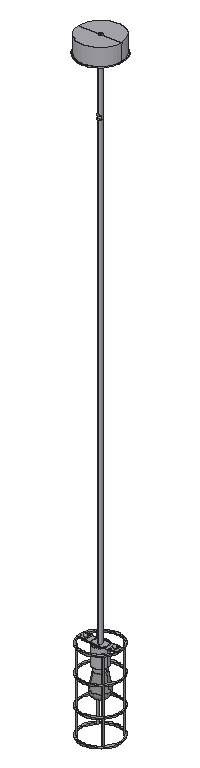
Revit family "Lighting - Lumetta - Pendant - P104RV-Full", category Lighting Fixtures, host Ceiling, Revit 2015
Parameters
  Wattage = 11.7117 W
  built-in parameter 1150110 = 1 (stored number, unit not read)
  URL = "https://lumetta.com/luminaires/reveal-arc-11-pendant/"
  Type Comments = "Reveal Arc 11'' Pendant "  # constant formula
  built-in parameter 1114217 = 1 (stored number, unit not read)
  Top-Bottom Lens Radius [instance] = Fixture Radius - 0' 0 5/32"  # 0' - 2 19/32"
  Top Lens-Material [instance] = Acrylic - 2447 - White
  Top Lens [instance] = yes
  built-in parameter 1150109 = 1 (stored number, unit not read)
  built-in parameter 1150134 = (empty or 0)
  Suspension [instance] = 2
  built-in parameter 1150113 = 1 (stored number, unit not read)
  Stem Hung-Med Base [instance] = Suspension = 2  # yes
  P104RV URL [instance] = "https://lumetta.com/luminaires/reveal-arc-11-pendant/"
  Light Source Symbol Size = 0' - 1"
  Fixture Radius [instance] = 0' - 2 3/4"
  Fixture Diameter [instance] = 2 * Fixture Radius  # 0' - 5 1/2"
  Coupling-Stems Over 60 inches [instance] = and([Stem Hung-Med Base], Fixture Drop > 5' 0")  # yes
  Model = "P104RV"  # constant formula
  Manufacturer = "Lumetta, Inc."  # constant formula
  Lumens = 1300 lm
  built-in parameter 1150115 = 1 (stored number, unit not read)
  built-in parameter 1150105 = 103.45 (stored number, unit not read)
  built-in parameter 1150137 = (empty or 0)
  built-in parameter 1150139 = (empty or 0)
  built-in parameter 1150112 = 1 (stored number, unit not read)
  built-in parameter 1150114 = 1 (stored number, unit not read)
  built-in parameter 1150132 = 1
  built-in parameter 1150102 = (empty or 0)
  built-in parameter 1150138 = (empty or 0)
  built-in parameter 1150107 = 3000 (stored number, unit not read)
  built-in parameter 1150106 = 1.0345 (stored number, unit not read)
  Frame Finish [instance] = Paint - Lumetta - F02 - PC_Chrome
  Fixture Height [instance] = 0' - 11"
  Fixture Drop [instance] = 6' - 0"
  built-in parameter 1150104 = 10.312 (stored number, unit not read)
  Dimming Lamp Color Temperature Shift = (empty or 0)
  Diffuser Material [instance] = Shade - Lumetta - D61 - MT_White
  Description = "Reveal Arc 11'' Pendant "  # constant formula
  Cord Hung-Med Base [instance] = Suspension = 1  # no
  Bottom Lens-Material [instance] = Acrylic - P95 - Etched White
  Bottom Lens [instance] = yes
  Cord Color [instance] = Cord, Black
  Color Filter = 16777215
  built-in parameter 1114218 = 1 (stored number, unit not read)
  built-in parameter 1150133 = 10 (stored number, unit not read)
Reference planes (in)
  plane 1 "Light Source Axis (F/B)": y = 0
  plane 2 "Ceiling": z = 96
  plane 3 "Light Source Axis (L/R)": x = 0
  plane 4 "Light Source Elevation": z = 21
  plane 5 "Fixture-Top": z = 24
  plane 6 "Fixture-Radius": x = 2.75
  plane 7 "Fixture-Height": z = 13
  plane 8: y = 0
  plane 9: x = 1.9375
  plane 10 "Outer BTM-Flat Plane": z = 10.44187
  plane 11: z = 16.58
  plane 12: z = 20.42
Forms (in)
  Revolve 1, solid, material "Paint - Lumetta - F02 - PC_Chrome" <- "Frame Finish", visible <- "Cord Hung-Med Base"
    sketch origin (0, 0, 0) x (1, 0, 0) y (0, 0, 1)
      loop
        line (0, 96) -> (0, 95.65) -> (2.125, 95.65)
        arc (2.125, 95.65) -> (2.21339, 95.68661) -> (2.25, 95.775) r 0.125
        line (2.25, 95.775) -> (2.25, 96) -> (0, 96)
      axis (0, 96) -> (0, 95.65)
    angle from 0 to 360
  Extrusion 2, solid, material "Paint - Lumetta - F02 - PC_Chrome" <- "Frame Finish", visible <- "Stem Hung-Med Base"
    sketch origin (0, 0, 24) x (0, -1, 0) y (-1, 0, 0)
      loop
        circle (0, 0) r 0.25
    from 0.05815 to -72
  Revolve 3, solid, material "Paint - Lumetta - F02 - PC_Chrome" <- "Frame Finish", visible <- "Coupling-Stems Over 60 inches"
    sketch origin (0, 0, 0) x (1, 0, 0) y (0, 0, 1)
      loop
        line (0, 86.53023) -> (0, 86) -> (0.26233, 86)
        arc (0.26233, 86) -> (0.31307, 86.05074) -> (0.26233, 86.10149) r 0.05074
        arc (0.26233, 86.10149) -> (0.29304, 86.26499) -> (0.26243, 86.42851) r 0.45126
        arc (0.26243, 86.42851) -> (0.31329, 86.47937) -> (0.26243, 86.53023) r 0.05086
        line (0.26243, 86.53023) -> (0, 86.53023)
      axis (0, 86.53023) -> (0, 86)
    angle from 0 to 360
  Extrusion 4, solid, material "Cord, Black" <- "Cord Color", visible <- "Cord Hung-Med Base"
    sketch origin (0, 0, 24) x (0, -1, 0) y (1, 0, 0)
      loop
        circle (0, 0) r 0.15674
    from -0.56254 to 72
  Extrusion 5, solid, material "Paint - Lumetta - F02 - PC_Chrome" <- "Frame Finish"
    sketch origin (0, 0, 24) x (0, -1, 0) y (1, 0, 0)
      loop
        circle (0, 0) r 0.26562
      loop
        arc (-0.625, -1.88572) -> (-0.61548, -1.93356) -> (-0.58839, -1.97411) r 0.125
        line (-0.58839, -1.97411) -> (-0.41161, -2.15089)
        arc (-0.41161, -2.15089) -> (-0.37106, -2.17798) -> (-0.32322, -2.1875) r 0.125
        line (-0.32322, -2.1875) -> (0.32322, -2.1875)
        arc (0.32322, -2.1875) -> (0.37106, -2.17798) -> (0.41161, -2.15089) r 0.125
        line (0.41161, -2.15089) -> (0.58839, -1.97411)
        arc (0.58839, -1.97411) -> (0.61548, -1.93356) -> (0.625, -1.88572) r 0.125
        line (0.625, -1.88572) -> (0.625, 1.88572)
        arc (0.625, 1.88572) -> (0.61548, 1.93356) -> (0.58839, 1.97411) r 0.125
        line (0.58839, 1.97411) -> (0.41161, 2.15089)
        arc (0.41161, 2.15089) -> (0.37106, 2.17798) -> (0.32322, 2.1875) r 0.125
        line (0.32322, 2.1875) -> (-0.32322, 2.1875)
        arc (-0.32322, 2.1875) -> (-0.37106, 2.17798) -> (-0.41161, 2.15089) r 0.125
        line (-0.41161, 2.15089) -> (-0.58839, 1.97411)
        arc (-0.58839, 1.97411) -> (-0.61548, 1.93356) -> (-0.625, 1.88572) r 0.125
        line (-0.625, 1.88572) -> (-0.625, -1.88572)
      loop
        circle (0, 1.9375) r 0.07846
      loop
        circle (0, -1.9375) r 0.07846
    from -0.05815 to 0
  Revolve 6, solid, material "Paint - Lumetta - F02 - PC_Chrome" <- "Frame Finish", visible <- "Cord Hung-Med Base"
    sketch origin (0, 0, 0) x (1, 0, 0) y (0, 0, 1)
      loop
        line (0, 95.65) -> (0, 95.15) -> (0.28125, 95.15) -> (0.375, 95.65) -> (0, 95.65)
      axis (0, 95.65) -> (0, 95.15)
    angle from 0 to 360
  Revolve 7, solid, material "Paint - Lumetta - F02 - PC_Chrome" <- "Frame Finish", visible <- "Stem Hung-Med Base"
    sketch origin (0, 0, 0) x (1, 0, 0) y (0, 0, 1)
      loop
        line (1.9375, 93.72) -> (1.9375, 93.37095)
        arc (1.9375, 93.37095) -> (2.11821, 93.50953) -> (2.03125, 93.72) r 0.18712
        line (2.03125, 93.72) -> (1.9375, 93.72)
      axis (1.9375, 93.72) -> (1.9375, 93.37095)
    angle from 0 to 360
  Revolve 8, solid, material "Paint - Lumetta - F02 - PC_Chrome" <- "Frame Finish", visible <- "Stem Hung-Med Base"
    sketch origin (0, 0, 0) x (-1, 0, 0) y (0, 0, 1)
      loop
        line (1.9375, 93.72) -> (1.9375, 93.37095)
        arc (1.9375, 93.37095) -> (2.11821, 93.50953) -> (2.03125, 93.72) r 0.18712
        line (2.03125, 93.72) -> (1.9375, 93.72)
      axis (1.9375, 93.72) -> (1.9375, 93.37095)
    angle from 0 to 360
  Revolve 9, solid, material "Paint - Lumetta - F02 - PC_Chrome" <- "Frame Finish"
    sketch origin (0, 0, 0) x (1, 0, 0) y (0, 0, 1)
      loop
        circle (2.6615, 23.9325) r 0.0885
      axis (0, 23.9325) -> (0, 23.89313)
    angle from 0 to 360
  Revolve 10, solid, material "Paint - Lumetta - F02 - PC_Chrome" <- "Frame Finish"
    sketch origin (0, 0, 0) x (1, 0, 0) y (0, 0, 1)
      loop
        circle (2.6615, 13.0675) r 0.0885
      axis (0, 13.0675) -> (0, 13.02813)
    angle from 0 to 360
  Extrusion 11, solid, material "Paint - Lumetta - F02 - PC_Chrome" <- "Frame Finish"
    sketch origin (0, 0, 24) x (0, -1, 0) y (1, 0, 0)
      loop
        line (-0.5, 1.57812) -> (0.5, 1.57812) -> (0.5, 2.63549)
        arc (0.5, 2.63549) -> (0, 2.6825) -> (-0.5, 2.63549) r 2.6825
        line (-0.5, 2.63549) -> (-0.5, 1.57812)
      loop
        circle (0, 1.9375) r 0.09375
      loop
        line (-0.5, -1.57813) -> (-0.5, -2.63549)
        arc (-0.5, -2.63549) -> (0, -2.6825) -> (0.5, -2.63549) r 2.6825
        line (0.5, -2.63549) -> (0.5, -1.57813) -> (-0.5, -1.57813)
      loop
        circle (0, -1.9375) r 0.09375
    from 0 to 0.07325
  Revolve 12, solid, material "Paint - Lumetta - F02 - PC_Chrome" <- "Frame Finish", visible <- "Stem Hung-Med Base"
    sketch origin (0, 0, 0) x (1, 0, 0) y (0, 0, 1)
      loop
        line (0, 96.0012) -> (0, 93.40625) -> (0.34988, 93.40625)
        arc (0.34988, 93.40625) -> (0.49124, 93.54417) -> (0.58115, 93.72) r 0.61026
        line (0.58115, 93.72) -> (3, 93.72) -> (3, 93.78) -> (2.875, 93.78) -> (2.875, 96.0012) -> (0, 96.0012)
      axis (0, 96.0012) -> (0, 93.40625)
    angle from 0 to 360
  Revolve 13, solid, material "Paint - Lumetta - F02 - PC_Chrome" <- "Frame Finish"
    sketch origin (0, 0, 5.25) x (1, 0, 0) y (0, 0, 1)
      loop
        circle (2.6615, 11.33) r 0.0885
      axis (0, 11.33) -> (0, 11.29063)
    angle from 0 to 360
  Revolve 14, solid, material "Paint - Lumetta - F02 - PC_Chrome" <- "Frame Finish"
    sketch origin (0, 0, 6.25) x (1, 0, 0) y (0, 0, 1)
      loop
        circle (2.6615, 14.17) r 0.0885
      axis (0, 14.17) -> (0, 14.13063)
    angle from 0 to 360
  Extrusion 15, solid, material "Paint - Lumetta - F02 - PC_Chrome" <- "Frame Finish"
    sketch origin (0, 0, 24) x (0, -1, 0) y (1, 0, 0)
      loop
        circle (1.7565, 1.7565) r 0.0885
      loop
        circle (1.7565, -1.7565) r 0.0885
      loop
        circle (-1.7565, -1.7565) r 0.0885
      loop
        circle (-1.7565, 1.7565) r 0.0885
    from 0 to -11
  Revolve 16, solid, material "Paint - Lumetta - F02 - PC_Chrome" <- "Frame Finish"
    sketch origin (0, 0, 0) x (1, 0, 0) y (0, 0, 1)
      loop
        arc (2.0625, 24.07325) -> (2.11266, 24.27991) -> (1.9375, 24.4005) r 0.1875
        line (1.9375, 24.4005) -> (1.9375, 24.07325) -> (2.0625, 24.07325)
      axis (1.9375, 24.4005) -> (1.9375, 24.07325)
    angle from 0 to 360
  Revolve 17, solid, material "Paint - Lumetta - F02 - PC_Chrome" <- "Frame Finish"
    sketch origin (0, 0, 0) x (-1, 0, 0) y (0, 0, 1)
      loop
        arc (2.0625, 24.07325) -> (2.11266, 24.27991) -> (1.9375, 24.4005) r 0.1875
        line (1.9375, 24.4005) -> (1.9375, 24.07325) -> (2.0625, 24.07325)
      axis (1.9375, 24.4005) -> (1.9375, 24.07325)
    angle from 0 to 360
  Revolve 18, solid, material "Paint - Lumetta - F02 - PC_Chrome" <- "Frame Finish"
    sketch origin (0, 0, 0) x (1, 0, 0) y (0, 0, 1)
      loop
        arc (1.03125, 23.875) -> (1.01294, 23.91919) -> (0.96875, 23.9375) r 0.0625
        line (0.96875, 23.9375) -> (0, 23.9375) -> (0, 23.8975) -> (0.96781, 23.8975)
        arc (0.96781, 23.8975) -> (0.98439, 23.89064) -> (0.99125, 23.87406) r 0.02344
        line (0.99125, 23.87406) -> (0.99125, 21.4375) -> (1.03125, 21.4375) -> (1.03125, 23.875)
      axis (0, 23.9375) -> (0, 21.4375)
    angle from 0 to 360
  Revolve 19, solid, material "Acrylic - 2447 - White"
    sketch origin (0, 0, 0) x (1, 0, 0) y (0, 0, 1)
      loop
        arc (0.80401, 20.75057) -> (0.68982, 21.12191) -> (0.48811, 21.45394) r 1.57307
        arc (0.48811, 21.45394) -> (0.47449, 21.46485) -> (0.45748, 21.46875) r 0.03906
        line (0.45748, 21.46875) -> (0, 21.46875) -> (0, 21.4375) -> (0.46126, 21.4375)
        arc (0.46126, 21.4375) -> (0.66054, 21.11083) -> (0.77324, 20.74515) r 1.54182
        line (0.77324, 20.74515) -> (1.17086, 18.49013)
        arc (1.17086, 18.49013) -> (1.06714, 17.98156) -> (0.64416, 17.68073) r 0.70728
        arc (0.64416, 17.68073) -> (0.43163, 17.63725) -> (0.21626, 17.61117) r 2.66809
        arc (0.21626, 17.61117) -> (0.19746, 17.60289) -> (0.18786, 17.58472) r 0.03125
        arc (0.18786, 17.58472) -> (0.18007, 17.56839) -> (0.16453, 17.55911) r 0.03125
        arc (0.16453, 17.55911) -> (0.08288, 17.54396) -> (0, 17.53889) r 0.67945
        line (0, 17.53889) -> (0, 17.50764)
        arc (0, 17.50764) -> (0.0867, 17.51295) -> (0.1721, 17.52879) r 0.7107
        arc (0.1721, 17.52879) -> (0.20317, 17.54735) -> (0.21875, 17.58002) r 0.0625
        arc (0.21875, 17.58002) -> (0.43664, 17.6064) -> (0.65167, 17.6504) r 2.69934
        arc (0.65167, 17.6504) -> (1.09333, 17.96451) -> (1.20163, 18.49556) r 0.73853
        line (1.20163, 18.49556) -> (0.80401, 20.75057)
      axis (0, 21.46875) -> (0, 17.50764)
    angle from 0 to 360
  Extrusion 20, solid, not visible
    sketch origin (0, 0, 24) x (0, -1, 0) y (1, 0, 0)
      loop
        arc (-1.62726, -1.87744) -> (0, -2.4845) -> (1.62726, -1.87744) r 2.4845
        line (1.62726, -1.87744) -> (0, 0) -> (-1.62726, -1.87744)
    from 0 to -11
Dimensions and locks (in)
  equal spacing: host sketch curve, plane 3 "Light Source Axis (L/R)", host sketch curve
  equal spacing: host sketch curve, plane 1 "Light Source Axis (F/B)", host sketch curve
  host sketch curve to host sketch curve = 10' - 0"  (x2)
  "Fixture Drop": plane 2 "Ceiling" to plane 5 "Fixture-Top"
  plane 5 "Fixture-Top" to plane 4 "Light Source Elevation" = 0' - 3"
  "Fixture Radius": plane 6 "Fixture-Radius" to plane 3 "Light Source Axis (L/R)"
  "Fixture Height": plane 5 "Fixture-Top" to plane 7 "Fixture-Height"
  locked: Extrusion 2 sketch curve to imposter light
  locked: Extrusion 2 sketch curve to imposter light at 0
  Revolve 3 sketch curve to Revolve 3 sketch curve = 0' - 0.15822"
  locked: Revolve 3 sketch curve to Revolve 3 sketch curve at 0.53023
  locked: Revolve 3 sketch curve to Revolve 3 sketch curve at 0.26243
  locked: Revolve 3 sketch curve to Revolve 3 sketch curve at 0.26233
  locked: Revolve 3 sketch curve to Revolve 3 sketch curve at 0.05074
  locked: Revolve 3 sketch curve to Revolve 3 sketch curve at 0.47937
  locked: Revolve 3 sketch curve to Revolve 3 sketch curve at 0.26512
  locked: Revolve 1 to Revolve 6 sketch curve at 0.5
  locked: plane 6 "Fixture-Radius" to Revolve 9 sketch curve at 0.0885
  locked: plane 5 "Fixture-Top" to Revolve 9 sketch curve at 0.0675
  equal spacing: Extrusion 11 sketch curve, plane 8, Extrusion 11 sketch curve, locked at 0.5 each  (x2)
  locked: Extrusion 11 sketch curve to Extrusion 11 sketch curve at 1
  locked: Extrusion 11 to plane 5 "Fixture-Top" at 0.07325
  locked: plane 5 "Fixture-Top" to Extrusion 5 at 0.05815
  locked: Revolve 12 sketch curve to Revolve 12 sketch curve at 2.875
  locked: Revolve 12 sketch curve to Revolve 12 sketch curve at 0.31375
  locked: plane 2 "Ceiling" to Revolve 12 sketch curve at 2.28
  locked: Revolve 12 sketch curve to plane 3 "Light Source Axis (L/R)" at 0
  locked: Revolve 12 sketch curve to plane 2 "Ceiling" at 0.0012
  locked: plane 5 "Fixture-Top" to plane 10 "Outer BTM-Flat Plane" at 13.55813
  locked: plane 2 "Ceiling" to Revolve 1 sketch curve at 0.35
  locked: Revolve 1 sketch curve to plane 2 "Ceiling"
  locked: Revolve 1 sketch curve to plane 3 "Light Source Axis (L/R)" at 2.25
  locked: plane 2 "Ceiling" to Revolve 6 sketch curve at 0.35
  locked: Revolve 10 sketch curve to plane 7 "Fixture-Height" at 0.0675
  locked: plane 6 "Fixture-Radius" to Revolve 10 sketch curve at 0.0885
  plane 3 "Light Source Axis (L/R)" to Extrusion 11 sketch curve = 0' - 1 37/64"
  locked: Extrusion 11 sketch curve to Extrusion 11 sketch curve at 3.15625
  locked: Extrusion 11 sketch curve to plane 3 "Light Source Axis (L/R)" at 1.9375
  locked: Extrusion 11 sketch curve to Extrusion 11 sketch curve at 3.875
  locked: Extrusion 5 sketch curve to plane 3 "Light Source Axis (L/R)" at 1.9375
  locked: Extrusion 5 sketch curve to Extrusion 5 sketch curve at 3.875
  locked: plane 8 to Extrusion 5 sketch curve at 0.625  (x2)
  locked: plane 11 to plane 7 "Fixture-Height" at 3.58
  locked: plane 5 "Fixture-Top" to plane 12 at 3.58
  locked: plane 6 "Fixture-Radius" to Revolve 13 sketch curve at 0.0885
  locked: Revolve 13 sketch curve to plane 11
  locked: plane 6 "Fixture-Radius" to Revolve 14 sketch curve at 0.0885
  locked: Revolve 14 sketch curve to plane 12
  locked: plane 3 "Light Source Axis (L/R)" to Extrusion 15 sketch curve at 1.7565
  locked: plane 8 to Extrusion 15 sketch curve at 1.7565
  locked: plane 3 "Light Source Axis (L/R)" to Revolve 16 sketch curve at 1.9375
  locked: Revolve 16 sketch curve to Revolve 16 sketch curve at 0.13975
  Revolve 16 sketch curve to Extrusion 11 = 0' - 0"
  locked: Revolve 17 sketch curve to Revolve 17 sketch curve at 0.13975
  locked: Revolve 17 sketch curve to Extrusion 11 at 0
  locked: Revolve 17 sketch curve to plane 3 "Light Source Axis (L/R)" at 1.9375
  locked: Revolve 12 sketch curve to plane 3 "Light Source Axis (L/R)" at 3
  locked: Revolve 18 sketch curve to Revolve 18 sketch curve at 1.03125
  locked: Revolve 18 sketch curve to Revolve 18 sketch curve at 0.04  (x2)
  locked: Revolve 18 sketch curve to Revolve 18 sketch curve at 2.5
  locked: Revolve 18 sketch curve to Revolve 18 sketch curve
  locked: plane 5 "Fixture-Top" to Revolve 18 sketch curve at 0.0625
  locked: imposter light to Revolve 19 sketch curve at 0
  Revolve 19 sketch curve to Revolve 19 sketch curve = 0' - 0 1/32"
  locked: Revolve 18 to Revolve 19 sketch curve at 0
  locked: Revolve 19 sketch curve to plane 3 "Light Source Axis (L/R)" at 0
  locked: Extrusion 20 sketch curve to Extrusion 20 sketch curve (angle 81.8338°)
  aligned and locked: plane 3 "Light Source Axis (L/R)" to imposter light
  aligned and locked: plane 1 "Light Source Axis (F/B)" to imposter light
  aligned and locked: plane 4 "Light Source Elevation" to imposter light
  aligned and locked: Revolve 3 sketch curve to Revolve 3 sketch curve  (x2)
  aligned and locked: host ceiling to Extrusion 2
  aligned and locked: host ceiling to Extrusion 4
  aligned and locked: Extrusion 5 to Extrusion 2
  aligned and locked: Revolve 7 sketch curve to plane 9
  aligned and locked: Revolve 10 sketch curve to plane 3 "Light Source Axis (L/R)"
  aligned and locked: plane 5 "Fixture-Top" to Extrusion 11
  aligned and locked: Extrusion 5 to plane 5 "Fixture-Top"
  aligned and locked: plane 7 "Fixture-Height" to Extrusion 15
  aligned and locked: plane 7 "Fixture-Height" to Extrusion 20
  aligned and locked: Extrusion 20 to plane 5 "Fixture-Top"
Automatic sketch dimensions
  Revolve 1 sketch curve to plane 3 "Light Source Axis (L/R)" = 0' - 0"  (x2)
  Revolve 1 sketch curve to Revolve 1 sketch curve = 0' - 0 1/8"
  Revolve 1 sketch curve to plane 5 "Fixture-Top" = 0' - 1 1/4"
  plane 2 "Ceiling" to Revolve 1 sketch curve = 0' - 9 3/4"
  Revolve 3 sketch curve to plane 3 "Light Source Axis (L/R)" = 0' - 0"
  Revolve 3 sketch curve to plane 2 "Ceiling" = 0' - 10"
  Revolve 3 sketch curve to Revolve 3 sketch curve = 0' - 11.34317"
  plane 1 "Light Source Axis (F/B)" to Extrusion 4 sketch curve = 0' - 0"
  Extrusion 4 sketch curve to plane 3 "Light Source Axis (L/R)" = 0' - 0"
  plane 1 "Light Source Axis (F/B)" to Extrusion 5 sketch curve = 0' - 0"  (x3)
  Extrusion 5 sketch curve to plane 3 "Light Source Axis (L/R)" = 0' - 0"
  plane 9 to Extrusion 5 sketch curve = 0' - 0.03661"  (x2)
  Extrusion 5 sketch curve to Extrusion 5 sketch curve = 0' - 0.03661"  (x5)
  Extrusion 5 sketch curve to plane 9 = 0' - 0.05178"  (x2)
  Extrusion 5 sketch curve to Extrusion 5 sketch curve = 0' - 0.08839"  (x6)
  Extrusion 5 sketch curve to Extrusion 5 sketch curve = 0' - 0.17678"  (x4)
  plane 1 "Light Source Axis (F/B)" to Extrusion 5 sketch curve = 0' - 0.32322"  (x2)
  plane 9 to Extrusion 5 sketch curve = 0' - 0 1/8"
  plane 9 to Extrusion 5 sketch curve = 0' - 0.21339"
  Extrusion 5 sketch curve to Extrusion 5 sketch curve = 0' - 0 1/8"  (x3)
  Revolve 6 sketch curve to plane 3 "Light Source Axis (L/R)" = 0' - 0"  (x2)
  Revolve 6 sketch curve to Revolve 6 sketch curve = 0' - 0 9/32"
  Revolve 6 sketch curve to Revolve 6 sketch curve = 0' - 0 3/8"
  Revolve 6 sketch curve to Revolve 6 sketch curve = 0' - 1 1/4"
  plane 2 "Ceiling" to Revolve 6 sketch curve = 0' - 6 11/16"
  Revolve 7 sketch curve to plane 9 = 0' - 0"
  plane 9 to Revolve 7 sketch curve = 0' - 0 3/32"
  Revolve 7 sketch curve to plane 2 "Ceiling" = 0' - 2.62905"
  Revolve 7 sketch curve to Revolve 7 sketch curve = 0' - 0.18712"
  Revolve 7 sketch curve to Revolve 7 sketch curve = 0' - 1.15095"
  plane 2 "Ceiling" to Revolve 7 sketch curve = 0' - 0.72"
  plane 3 "Light Source Axis (L/R)" to Revolve 8 sketch curve = 0' - 1 15/16"
  Revolve 8 sketch curve to Revolve 8 sketch curve = 0' - 0 3/32"
  plane 2 "Ceiling" to Revolve 8 sketch curve = 0' - 2.62905"
  Revolve 8 sketch curve to Revolve 8 sketch curve = 0' - 0.18712"
  Revolve 8 sketch curve to Revolve 8 sketch curve = 0' - 0"
  Revolve 8 sketch curve to Revolve 8 sketch curve = 0' - 1.15095"
  Revolve 8 sketch curve to plane 2 "Ceiling" = 0' - 0.72"
  Revolve 9 sketch curve to plane 3 "Light Source Axis (L/R)" = 0' - 0"
  Revolve 9 sketch curve to plane 4 "Light Source Elevation" = 0' - 0 1/2"
  Revolve 9 sketch curve to plane 5 "Fixture-Top" = 0' - 2 1/2"
  level to Revolve 10 sketch curve = 0' - 0 3/4"
  Revolve 10 sketch curve to plane 11 = 0' - 2 3/8"
  Extrusion 11 sketch curve to Extrusion 11 sketch curve = 0' - 0"  (x2)
  plane 1 "Light Source Axis (F/B)" to Extrusion 11 sketch curve = 0' - 0"  (x3)
  Extrusion 11 sketch curve to plane 3 "Light Source Axis (L/R)" = 0' - 0"
  Extrusion 11 sketch curve to plane 1 "Light Source Axis (F/B)" = 0' - 0 1/2"
  Extrusion 11 sketch curve to Extrusion 11 sketch curve = 0' - 0.69799"
  Extrusion 11 sketch curve to plane 6 "Fixture-Radius" = 0' - 0.11451"
  Revolve 12 sketch curve to plane 3 "Light Source Axis (L/R)" = 0' - 0"  (x2)
  Revolve 12 sketch curve to Revolve 12 sketch curve = 0' - 0.34988"
  Revolve 12 sketch curve to Revolve 12 sketch curve = 0' - 0.23126"
  Revolve 12 sketch curve to Revolve 12 sketch curve = 0' - 0.06"
  Revolve 12 sketch curve to Revolve 12 sketch curve = 0' - 1.7488"
  Revolve 12 sketch curve to Revolve 12 sketch curve = 0' - 2 1/2"
  Revolve 13 sketch curve to plane 3 "Light Source Axis (L/R)" = 0' - 0"
  Revolve 13 sketch curve to plane 10 "Outer BTM-Flat Plane" = 0' - 4.44187"
  plane 4 "Light Source Elevation" to Revolve 13 sketch curve = 0' - 0 1/2"
  Revolve 14 sketch curve to plane 3 "Light Source Axis (L/R)" = 0' - 0"
  Revolve 14 sketch curve to plane 10 "Outer BTM-Flat Plane" = 0' - 3.44187"
  Revolve 14 sketch curve to plane 4 "Light Source Elevation" = 0' - 0 1/2"
  plane 9 to Revolve 16 sketch curve = 0' - 0"
  Revolve 16 sketch curve to Revolve 16 sketch curve = 0' - 0 1/8"
  plane 5 "Fixture-Top" to Revolve 16 sketch curve = 0' - 0.44618"
  Revolve 16 sketch curve to Revolve 16 sketch curve = 0' - 0.19786"
  Revolve 17 sketch curve to Revolve 17 sketch curve = 0' - 0"
  Revolve 17 sketch curve to Revolve 17 sketch curve = 0' - 0 1/8"
  Revolve 17 sketch curve to plane 5 "Fixture-Top" = 0' - 0.44618"
  Revolve 17 sketch curve to Revolve 17 sketch curve = 0' - 0.19786"
  Revolve 18 sketch curve to plane 3 "Light Source Axis (L/R)" = 0' - 0"
  Revolve 18 sketch curve to Revolve 18 sketch curve = 0' - 0 3/128"
  Revolve 18 sketch curve to Revolve 18 sketch curve = 0' - 0.00094"
  Revolve 18 sketch curve to plane 4 "Light Source Elevation" = 0' - 0.3537"
  Revolve 18 sketch curve to Revolve 18 sketch curve = 0' - 0.89649"
  Revolve 19 sketch curve to Revolve 19 sketch curve = 0' - 0"  (x14)
  Revolve 19 sketch curve to plane 3 "Light Source Axis (L/R)" = 0' - 0"
  plane 12 to Revolve 19 sketch curve = 0' - 0.05741"
  Revolve 19 sketch curve to plane 3 "Light Source Axis (L/R)" = 0' - 0.74516"
  plane 3 "Light Source Axis (L/R)" to Revolve 19 sketch curve = 0' - 0.00349"
  plane 3 "Light Source Axis (L/R)" to Revolve 19 sketch curve = 0' - 0.15696"
  Revolve 19 sketch curve to Revolve 19 sketch curve = 0' - 0.06179"
  plane 3 "Light Source Axis (L/R)" to Revolve 19 sketch curve = 0' - 0.45748"
  Revolve 19 sketch curve to Revolve 19 sketch curve = 0' - 0.00377"
  plane 3 "Light Source Axis (L/R)" to Revolve 19 sketch curve = 0' - 0.47433"
  plane 4 "Light Source Elevation" to Revolve 19 sketch curve = 0' - 0.25485"
  plane 4 "Light Source Elevation" to Revolve 19 sketch curve = 0' - 0.24943"
  Revolve 19 sketch curve to Revolve 19 sketch curve = 0' - 0.03078"  (x2)
  Revolve 19 sketch curve to Revolve 19 sketch curve = 0' - 0.69653"
  Revolve 19 sketch curve to plane 12 = 0' - 0.14924"
  plane 11 to Revolve 19 sketch curve = 0' - 1.91556"
  Revolve 19 sketch curve to Revolve 19 sketch curve = 0' - 0.00543"
  Revolve 19 sketch curve to Revolve 19 sketch curve = 0' - 0.12282"
  Revolve 19 sketch curve to Revolve 19 sketch curve = 0' - 0.14898"
  Revolve 19 sketch curve to Revolve 19 sketch curve = 0' - 0.0913"
  Revolve 19 sketch curve to Revolve 19 sketch curve = 0' - 0.00941"
  Revolve 19 sketch curve to Revolve 19 sketch curve = 0' - 0.05054"
  Revolve 19 sketch curve to Revolve 19 sketch curve = 0' - 0 1/32"
  Revolve 19 sketch curve to Revolve 19 sketch curve = 0' - 0 1/128"
  plane 11 to Revolve 19 sketch curve = 0' - 0.38875"
  Revolve 19 sketch curve to plane 5 "Fixture-Top" = 0' - 5 7/32"
  plane 1 "Light Source Axis (F/B)" to Extrusion 15 sketch curve = 0' - 1.7565"
  Extrusion 15 sketch curve to plane 9 = 0' - 0.181"
  Extrusion 15 sketch curve to plane 1 "Light Source Axis (F/B)" = 0' - 1.7565"  (x2)
  Extrusion 15 sketch curve to plane 3 "Light Source Axis (L/R)" = 0' - 1.7565"  (x2)
  plane 1 "Light Source Axis (F/B)" to Extrusion 20 sketch curve = 0' - 0"  (x2)
  Extrusion 20 sketch curve to plane 3 "Light Source Axis (L/R)" = 0' - 0"  (x2)
  Extrusion 20 sketch curve to plane 1 "Light Source Axis (F/B)" = 0' - 1.62726"
  plane 1 "Light Source Axis (F/B)" to Extrusion 20 sketch curve = 0' - 1.62726"
  radius of Extrusion 2 sketch curve = 0' - 0 1/4"
  radius of Extrusion 4 sketch curve = 0' - 0.15674"
  radius of Extrusion 5 sketch curve = 0' - 0 17/64"
  radius of Extrusion 5 sketch curve = 0' - 0.07846"  (x2)
  radius of Revolve 9 sketch curve = 0' - 0.0885"
  radius of Revolve 10 sketch curve = 0' - 0.0885"
  radius of Extrusion 11 sketch curve = 0' - 0 3/32"  (x2)
  radius of Revolve 13 sketch curve = 0' - 0.0885"
  radius of Revolve 14 sketch curve = 0' - 0.0885"
  radius of Extrusion 15 sketch curve = 0' - 0.0885"  (x4)
